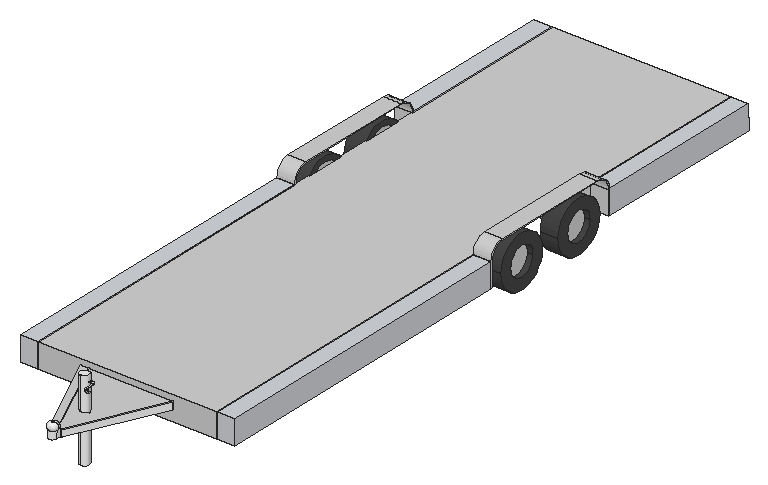
Revit family "flatbed_trailer_tiny_house", category Site, Revit 2019
Family settings
  Round Connector Dimension = Use Diameter
  Part Type = Normal
  Work Plane-Based = No
  Always vertical = No
  Cut with Voids When Loaded = No
  Shared = No
Parameters (values of type "Horse Trailer")
  Tires = Rubber - Black
  Material = Metal - Paint Finish - Blue, Sky
  Assembly Code = ""
Reference planes (in)
  plane 1 "Center (Front/Back)": x = 1.26923
  plane 2: z = 0
  plane 3 "Center (Left/Right)": y = -1.26923
  plane 4: y = 118.73077
  plane 5 "3": y = -77.26923
  plane 6 "1": x = -17.23503
  plane 7 "2": x = 20.48331
  plane 8: z = 24.54164
  plane 9: x = -17.76535
  plane 10: x = 20.16549
  plane 11: x = 49.26923
  plane 12: x = -46.73077
  plane 13: z = 16.54297
  plane 14: y = 73.73124
Forms (in)
  Extrusion 1, solid, material "Metal - Steel"
    sketch origin (1.26923, -216.00099, 24) x (0, -1, 0) y (0, 0, 1)
      loop
        line (-384.73077, -10.76049) -> (-306.81671, -10.76049) -> (-306.81671, -0.53906) -> (-240.89774, -0.53906) -> (-240.89774, -10.76049) -> (-96.73176, -10.76049) -> (-96.73176, 0.04164) -> (-384.73077, 0.04164) -> (-384.73077, -10.76049)
    from 40 to -40
  Extrusion 2, solid, material "Rubber - Black" <- "Tires"
    sketch origin (-19.73077, -45, 42.54297) x (0, -1, 0) y (0, 0, 1)
      loop
        circle (-118.73124, -26) r 11.5
      loop
        circle (-86.73124, -26) r 11.5
      loop
        circle (-86.73124, -26) r 6.5
      loop
        circle (-118.73124, -26) r 6.5
    from 19 to 27
  Sweep 3, solid, material "Metal - Hitch"
    path origin (225, 179.55757, 0) x (1, 0, 0) y (0, 1, 0)
      loop
        line (-204.83451, -274.78817) -> (-204.83451, -298.78817) -> (-222.15409, -337.14337) -> (-225.44577, -337.14337) -> (-242.76535, -298.78817) -> (-242.76535, -274.78817)
    profile origin (-49.96511, -110.65058, 0) x (0.911389, -0.411545, 0) y (0, 0, 1)
      loop
        line (68.94736, 18.24493) -> (68.94736, 21.24493) -> (65.94736, 21.24493) -> (65.94736, 18.24493) -> (68.94736, 18.24493)
  Extrusion 4, solid, material "Rubber - Black" <- "Tires"
    sketch origin (22.26923, -45, 42.54297) x (0, -1, 0) y (0, 0, -1)
      loop
        circle (-118.73124, 26) r 11.5
      loop
        circle (-86.73124, 26) r 11.5
      loop
        circle (-86.73124, 26) r 6.5
      loop
        circle (-118.73124, 26) r 6.5
    from 19 to 27
  Extrusion 5, solid, material "Metal - Steel"
    sketch origin (-17.94485, 219, 2.54297) x (0, 1, 0) y (0, 0, -1)
      loop
        circle (-145.26876, -14) r 9
      loop
        circle (-177.26876, -14) r 9
    from -64.24679 to -59.21408
  Extrusion 6, solid, material "Metal - Steel"
    sketch origin (20.48331, 219, 2.54297) x (0, 1, 0) y (0, 0, 1)
      loop
        circle (-145.26876, 14) r 9
      loop
        circle (-177.26876, 14) r 9
    from -64.24679 to -59.21408
  Sweep 7, solid, material "Metal - Hitch"
    path origin (0, -43.67318, 0) x (1, 0, 0) y (0, 1, 0)
      loop
        circle (1.20007, -117.0858) r 3
    profile origin (1.20007, -157.75898, 0) x (0, -1, 0) y (0, 0, 1)
      loop
        line (2.82682, 23.80219) -> (2.82682, 24.05219) -> (2.25, 24.05219)
        arc (2.25, 24.05219) -> (0.83166, 23.04036) -> (1.32682, 21.36993) r 1.5
        line (1.32682, 21.36993) -> (1.32682, 21.24493) -> (1.57682, 21.24493) -> (1.57682, 21.49894)
        arc (1.57682, 21.49894) -> (1.0502, 22.90286) -> (2.25, 23.80219) r 1.25
        line (2.25, 23.80219) -> (2.82682, 23.80219)
  Sweep 8, solid, material "Metal - Hitch"
    path origin (0, -42, 0) x (1, 0, 0) y (0, 1, 0)
      loop
        arc (-1.41427, -117.0858) -> (-1.23749, -117.15902) -> (-1.16427, -117.3358) r 0.25
        line (-1.16427, -117.3358) -> (-1.16427, -118.93215)
        arc (-1.16427, -118.93215) -> (1.20007, -121.29649) -> (3.56441, -118.93215) r 2.36434
        line (3.56441, -118.93215) -> (3.56441, -117.3358)
        arc (3.56441, -117.3358) -> (3.63764, -117.15902) -> (3.81441, -117.0858) r 0.25
    profile origin (-1.16427, -160.13398, 0) x (1, 0, 0) y (0, 0, 1)
      loop
        line (0.94116, 21.23951) -> (0.44116, 21.23951) -> (0.44116, 18.24493) -> (0.94116, 18.24493) -> (0.94116, 21.23951)
  Extrusion 9, solid, material "Metal - Steel"
    sketch origin (0, -42, 0) x (1, 0, 0) y (0, 1, 0)
      loop
        line (-19.39374, -77.26923) -> (-1.41427, -117.0858) -> (3.81441, -117.0858) -> (21.79389, -77.26923) -> (-19.39374, -77.26923)
    from 21.25 to 21.5
  Sweep 10, solid
    path origin (0, 0, 0) x (1, 0, 0) y (0, 1, 0)
      loop
        line (-38.73077, 73.73124) -> (41.26923, 73.73124)
    profile origin (1.26923, 73.73124, 0) x (0, 1, 0) y (0, 0, 1)
      loop
        circle (0, 16.54297) r 2
  Sweep 11, solid
    path origin (0, 0, 0) x (1, 0, 0) y (0, 1, 0)
      loop
        line (-38.73077, 41.73124) -> (41.26923, 41.73124)
    profile origin (1.26923, 41.73124, 0) x (0, 1, 0) y (0, 0, 1)
      loop
        circle (0, 16.54297) r 2
  Sweep 12, solid, material "Metal - Steel"
    path origin (-46.73077, 0, -25.23077) x (0, 0, -1) y (0, 1, 0)
      loop
        line (-38.73077, 90.56572) -> (-49.23077, 90.56572)
        arc (-49.23077, 90.56572) -> (-53.47341, 88.80836) -> (-55.23077, 84.56572) r 6
        line (-55.23077, 84.56572) -> (-55.23077, 30.89675)
        arc (-55.23077, 30.89675) -> (-53.47341, 26.65411) -> (-49.23077, 24.89675) r 6
        line (-49.23077, 24.89675) -> (-38.73077, 24.89675)
    profile origin (-46.73077, 90.56572, 18.75) x (0, -1, 0) y (1, 0, 0)
      loop
        line (0, 0) -> (0, 8) -> (-0.25, 8) -> (-0.25, 0) -> (0, 0)
  Sweep 13, solid, material "Metal - Steel"
    path origin (49.26923, 0, -25.23077) x (0, 0, -1) y (0, -1, 0)
      loop
        line (-38.73077, -90.56572) -> (-49.23077, -90.56572)
        arc (-49.23077, -90.56572) -> (-53.47341, -88.80836) -> (-55.23077, -84.56572) r 6
        line (-55.23077, -84.56572) -> (-55.23077, -30.89675)
        arc (-55.23077, -30.89675) -> (-53.47341, -26.65411) -> (-49.23077, -24.89675) r 6
        line (-49.23077, -24.89675) -> (-38.73077, -24.89675)
    profile origin (49.26923, 90.56572, 18.75) x (0, 1, 0) y (-1, 0, 0)
      loop
        line (0, 0) -> (0.25, 0) -> (0.25, 8) -> (0, 8) -> (0, 0)
  Sweep 14, solid, material "Metal - Hitch"
    path origin (1.26923, -22, 162.39297) x (0, 0, 1) y (0, 1, 0)
      loop
        line (-162.39297, -121.19067) -> (-126.39297, -121.19067)
    profile origin (1.26923, -143.19067, 18) x (0, 1, 0) y (-1, 0, 0)
      loop
        circle (0, 0) r 2
  Sweep 15, solid, material "Metal - Hitch"
    path origin (0, -48, 0) x (1, 0, 0) y (0, 1, 0)
      loop
        line (3.26923, -95.19067) -> (4.76923, -95.19067)
        arc (4.76923, -95.19067) -> (5.47634, -95.48357) -> (5.76923, -96.19067) r 1
        line (5.76923, -96.19067) -> (5.76923, -100.19067)
        arc (5.76923, -100.19067) -> (6.06212, -100.89778) -> (6.76923, -101.19067) r 1
        line (6.76923, -101.19067) -> (8.26923, -101.19067)
    profile origin (4.01923, -143.19067, 0) x (0, 1, 0) y (0, 0, 1)
      loop
        circle (0, 33.5) r 0.25
  Extrusion 16, solid
    sketch origin (0, -77.26923, 0) x (0, 0, -1) y (-1, 0, 0)
      loop
        line (-13.23951, 38.73077) -> (-13.23951, 46.73077) -> (-24, 46.73077) -> (-24, 38.73077) -> (-13.23951, 38.73077)
    from -42 to 101.91598
  Extrusion 17, solid
    sketch origin (244.45757, -77.18521, -121.52981) x (0, 0, -1) y (-1, 0, 0)
      loop
        line (-134.76932, 283.18834) -> (-134.76932, 291.18834) -> (-145.57145, 291.18834) -> (-145.57145, 283.18834) -> (-134.76932, 283.18834)
    from 168.00093 to 245.915
  Extrusion 18, solid
    sketch origin (2.53846, -77.26923, 0) x (0, 0, -1) y (-1, 0, 0)
      loop
        line (-13.23951, -38.73077) -> (-24, -38.73077) -> (-24, -46.73077) -> (-13.23951, -46.73077) -> (-13.23951, -38.73077)
    from -42 to 101.91598
  Extrusion 19, solid
    sketch origin (-241.91911, -77.18521, -121.52981) x (0, 0, -1) y (-1, 0, 0)
      loop
        line (-134.76932, -283.18834) -> (-145.57145, -283.18834) -> (-145.57145, -291.18834) -> (-134.76932, -291.18834) -> (-134.76932, -283.18834)
    from 168.00093 to 245.915
Lines and regions (in)
  reference lines
    curve 1: line (-38.73077, 168.72978, 0) -> (-38.73077, -119.26923, 0)
    curve 2: line (-38.73077, -119.26923, 0) -> (41.26923, -119.26923, 0)
    curve 3: line (41.26923, -119.26923, 0) -> (41.26923, 168.72978, 0)
Dimensions and locks (in)
  Extrusion 16 sketch curve to Extrusion 16 sketch curve = 0' - 8"
  Extrusion 17 sketch curve to Extrusion 17 sketch curve = 0' - 8"
  Extrusion 18 sketch curve to Extrusion 18 sketch curve = 0' - 8"
  Extrusion 19 sketch curve to Extrusion 19 sketch curve = 0' - 8"
